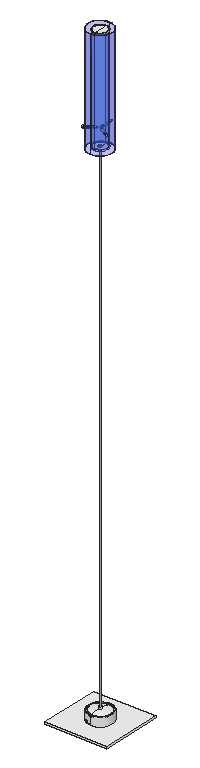
Revit family "BE_50411_de_DE", category Leuchten, Revit 2020
Family settings
  Basisbauteil = Fläche
  Bemaßung runder Anschluss = Durchmesser verwenden
  Teiletyp = Normal
  Beim Laden mit Abzugskörper schneiden = Ja
  Lichtquelle = Ja
  Gemeinsam genutzt = Nein
  Raumberechnungspunkt = Ja
Parameters (values of type "BEGA_50411_K4")
  built-in parameter 1150104 = 13.22 (stored number, unit not read)
  Wattage = 46.8 W
  Default Elevation = 0 mm
  built-in parameter 1150113 = 1 (stored number, unit not read)
  built-in parameter 1114218 = 1 (stored number, unit not read)
  Umgebungstemperatur = "25 °C"
  URL = "https://www.bega.com/de/produkt/50411"
  Typenkommentare = "© 2022 BEGA. Wir behalten uns das Recht vor, technische Änderungen ohne vorherige Ankündigung vorzunehmen."  # constant formula
  built-in parameter 1150134 = 12
  built-in parameter 1150109 = 1 (stored number, unit not read)
  Strom = ""
  built-in parameter 1150110 = 1 (stored number, unit not read)
  Spannung = 239.996 V
  Sonderanfertigung = no
  Seriennummer [instance] = "Hier können Sie die eindeutige Seriennummer für das Facility Management eintragen."
  Schutzklasse = "I"
  Schutzart = "IP 20"
  Scheinlast = 0 VA
  Produktdatenblatt = "https://cdn.bega.com/bega/products/50411K3/current/documents/data-sheets/de"
  Oberflächentemperatur = ""
  Neigungswinkel = 0.00°
  Modell = "50411K4"
  Material_17 = BEGA_Reflektor
  Material_15 = BEGA_Leuchtmedium_matt
  Material_13 = BEGA_Kunststoff_matt
  Material_11 = BEGA_Glas_opal
  Material_09 = BEGA_Glas_klar
  Material_06 = BEGA_Oberfläche_Edelstahl_gebürstet
  Material_05 = BEGA_Oberfläche_Aluminium Guss
  Material_03 = BEGA_Oberfläche_Weiss_matt
  Material_02 = BEGA_Oberfläche_Silber_matt
  Material_01 [instance] = BEGA_Oberfläche_Grafit_matt
  M_W = no
  M_G = no
  M_A = no
  Logo = 0
  built-in parameter 1114217 = 1 (stored number, unit not read)
  built-in parameter 1150139 = (empty or 0)
  built-in parameter 1150105 = 644.25 (stored number, unit not read)
  built-in parameter 1150114 = 1 (stored number, unit not read)
  Lumens = 6659.64 lm
  built-in parameter 1150115 = 1 (stored number, unit not read)
  Leuchtenlichtstrom = "5217 lm"
  Leuchtenanzahl = ""
  Lebensdauerkriterien = "L70B50 @ 25 °C = 165000 h"
  Lastklassifizierung = Beleuchtung
  built-in parameter 1150112 = 1 (stored number, unit not read)
  Lampenlichtstrom = "8040 lm"
  Lampe = "LED 45.6 W"
  LED_Modulbezeichnung = "12x LED-0610/940"
  Hersteller = "BEGA"  # constant formula
  Halbstreuwinkel = ""
  Gewicht = "5.9 kg"
  Gebrauchslageneinschränkung [instance] = ""
  Frequenz = "0/50-60 Hz"
  Farbwiedergabeindex = "CRI > 90"
  Farbtemperaturverschiebung bei Dämpfen der Lampe = <Keine Auswahl>
  Farbtemperatur = "4000 K"
  Color Filter = 16777215
  built-in parameter 1150133 = 10 (stored number, unit not read)
  Energieeffizienzklasse = "LED A++ - A"
  built-in parameter 1150137 = (empty or 0)
  built-in parameter 1150132 = (empty or 0)
  ENEC = "ja"
  Dimmbar [instance] = "DALI"
  Datei für fotometrisches Netz = "BE_50411K4.IES"
  CE_Konformität = "ja"
  Bestellnummer = "50411K4"
  Beschreibung_Sonderanfertigung = "Hier können Sie Informationen zur Sonderanfertigung eintragen."
  Beschreibung = "Pendelleuchte"
  built-in parameter 1150106 = 6.4425 (stored number, unit not read)
  Befestigungsbohrung = "Ø 4,5 mm"
  Befestigungsabstand = "136 mm"
  Ballwurfsicher = ""
  BEGA_Intern_aus = yes
  BEGA_Intern_an = yes
  BEGA_Intern_Konstruktion = yes
  BEGA_Intern = yes
  BEGA_IES = yes
  BEGA_Dummy = no
  Anschlussleitung = ""
  Anschlussleistung [instance] = "52 W"
  Anschlusskasten = ""
  built-in parameter 1150107 = 4000 (stored number, unit not read)
  built-in parameter 1150102 = (empty or 0)
  built-in parameter 1150138 = (empty or 0)
  Aktualisierung = "2022-05-19T04:00:07"
  Abstand_zur_angestrahlten_Fläche [instance] = ""
  AC/DC = "AC/DC"
Types (2, lengths in mm): name | built-in parameter 1150104 | built-in parameter 1150134 | Modell | built-in parameter 1150105 | Lumens | Leuchtenlichtstrom | Lampenlichtstrom | LED_Modulbezeichnung | Farbtemperatur | Datei für fotometrisches Netz | Bestellnummer | built-in parameter 1150106 | built-in parameter 1150107
  BEGA_50411_K4 | 13.22 (stored number, unit not read) | 12 | "50411K4" | 644.25 (stored number, unit not read) | 6659.64 lm | "5217 lm" | "8040 lm" | "12x LED-0610/940" | "4000 K" | "BE_50411K4.IES" | "50411K4" | 6.4425 (stored number, unit not read) | 4000 (stored number, unit not read)
  BEGA_50411_K3 | 12.867 (stored number, unit not read) | (empty or 0) | "50411K3" | 627.05 (stored number, unit not read) | 6481.8 lm | "5023 lm" | "7680 lm" | "12x LED-0610/930" | "3000 K" | "BE_50411K3.IES" | "50411K3" | 6.2705 (stored number, unit not read) | 3000 (stored number, unit not read)
Reference planes
  plane 1 "Mitte (Vorne/Hinten)": y = 0
  plane 2: z = 0
  plane 3 "Mitte (Links/Rechts)": x = 0
  plane 4 "Links": x = -80
  plane 5 "Rechts": x = 80
  plane 6 "Unten": y = -80
  plane 7 "Oben": y = 80
  plane 8 "Vorne": z = 4000
  plane 9 "Hinten": z = 0
Forms (mm)
  Extrusion 1, solid, material "BEGA_Platte_Weiss"
    sketch origin (0, -1119.2, 0) x (1, 0, 0) y (0, 1, 0)
      loop
        line (-200, 1319.2) -> (-200, 919.2) -> (200, 919.2) -> (200, 1319.2) -> (-200, 1319.2)
    from 0 to -10
  Extrusion 2, solid, material "BEGA_Dummy_matt", visible <- "BEGA_Dummy"
    sketch origin (77.149, -76.023, 0) x (1, 0, 0) y (0, 1, 0)
      loop
        circle (-77.149, 76.023) r 80
    from 0 to 4000
Dimensions and locks
  plane 1 "Mitte (Vorne/Hinten)" to Extrusion 1 = 200 mm
  aligned and locked: plane 2 to Extrusion 1
  aligned and locked: level to Extrusion 1
Nested families
  nested 1: "BE_50411" at (0, 0, 0), type "BE_50411"
Connectors
  electrical at (0, 0, 0), driven by "Lastklassifizierung", driven by "Spannung", driven by "Scheinlast"
    settings: index 1, voltage 239.996 V, apparent load 0 VA, apparent load phase1 0 VA, apparent load phase2 0 VA, apparent load phase3 0 VA, power factor 1, load classification "Beleuchtung", number of poles 1, system type 31, power factor state 1, is connector primary yes, connector utility no, sub classification motor no, connector description ""
Definition of nested family "BE_50411"
  Parameters (values of type "BE_50411")
    Default Elevation = 1 mm
    URL = "http://www.bega.de/de/produkt"
    Type Comments = "© 2015 BEGA. Wir behalten uns das Recht vor, technische Änderungen ohne vorherige Ankündigung vorzunehmen. "  # constant formula
    Type Image = (empty or 0)
    Neigungswinkel_um_Z2 = 0.00°
    Neigungswinkel_um_Z1 = 0.00°
    Neigungswinkel_um_Y2 = 0.00°
    Neigungswinkel_um_Y1 = 0.00°
    Neigungswinkel_um_X2 = 0.00°
    Neigungswinkel_um_X1 = 0.00°
    Material_17 = none
    Material_15 = none
    Material_13 = none
    Material_11 = none
    Material_09 = none
    Material_06 = none
    Material_05 = none
    Material_03 = none
    Material_02 = none
    Material_01 = none
    M_W = yes
    M_G = yes
    M_A = yes
    Länge_Platte = 300 mm  # constant formula
    Höhe_Platte = -10 mm  # constant formula
    Manufacturer = "BEGA"  # constant formula
    Drehwinkel_um_Z2 = 0.00°
    Drehwinkel_um_Z1 = 0.00°
    Breite_Platte = 300 mm  # constant formula
  Reference planes
    plane 1 "Mitte (Oben/Unten)": y = 0
    plane 2: z = 0
    plane 3 "Mitte (Links/Rechts)": x = 0
    plane 4: z = 4000
    plane 5: y = 80
    plane 6: y = -80
    plane 7: z = 4000
    plane 8: x = -80
    plane 9: x = 80
  Forms (mm)
    Extrusion 1, solid, detail levels medium
      sketch origin (0, 0, 0) x (1, 0, 0) y (0, 1, 0)
        loop
          line (-150, 150) -> (-150, -150) -> (150, -150) -> (150, 150) -> (-150, 150)
      from 0 to -10 <- "Höhe_Platte"
    Revolve 2, solid, material <- "Material_03", detail levels medium+fine
      sketch origin (0, 0, 0) x (0, 1, 0) y (0, 0, 1)
        loop
          line (73.5, 9) -> (0, 9) -> (0, 7.5) -> (73.5, 7.5) -> (73.5, 0) -> (75, 0) -> (75, 7.5)
          arc (75, 7.5) -> (74.561, 8.561) -> (73.5, 9) r 1.5
        axis (0, 9) -> (0, 0)
      angle from 0 to 360
    Extrusion 3, void
      sketch origin (0, 0, 0) x (1, 0, 0) y (0, 1, 0)
        loop
          circle (25, 55) r 8.5
        loop
          circle (-25, 55) r 8.5
        loop
          circle (-25, -55) r 6
        loop
          circle (25, -55) r 6
        loop
          circle (-68, 0) r 2.25
        loop
          circle (68, 0) r 2.25
      from 6 to 9.5
    Revolve 4, solid, material <- "Material_03", detail levels medium+fine
      sketch origin (0, 0, 0) x (0, 1, 0) y (0, 0, 1)
        loop
          line (76, 56) -> (65.297, 56)
          arc (65.297, 56) -> (35.906, 62.8) -> (5.868, 65.607) r 225
          line (5.868, 65.607) -> (5.854, 63.606)
          arc (5.854, 63.606) -> (35.751, 60.799) -> (65, 54) r 223
          line (65, 54) -> (75.5, 54) -> (75.5, 0) -> (77, 0) -> (77, 55)
          arc (77, 55) -> (76.707, 55.707) -> (76, 56) r 1
        axis (0, 0) -> (0, 65.607)
      angle from 0 to 360
    Revolve 5, solid, material <- "Material_03", detail levels medium+fine
      sketch origin (0, 0, 0) x (0, 1, 0) y (0, 0, 1)
        loop
          line (8.5, 72.62) -> (3.05, 72.62) -> (3.05, 3303) -> (8.05, 3303) -> (8.05, 3318) -> (0, 3318) -> (0, 64.421) -> (8.5, 64.421) -> (8.5, 72.62)
        axis (0, 3318) -> (0, 64.421)
      angle from 0 to 360
    Revolve 6, solid, material <- "Material_03", detail levels medium+fine
      sketch origin (0, 0, 0) x (0, 1, 0) y (0, 0, 1)
        loop
          line (46.5, 3318.5) -> (45.5, 3318.5) -> (45.5, 3317) -> (10.147, 3317) -> (10.147, 3315.5) -> (46.5, 3315.5) -> (46.5, 3318.5)
        loop
          line (46.5, 3991.5) -> (46.5, 3994.5) -> (0, 3994.5) -> (0, 3993) -> (45.5, 3993) -> (45.5, 3991.5) -> (46.5, 3991.5)
        axis (0, 3315.5) -> (0, 3994.5)
      angle from 0 to 360
    Revolve 7, solid, material <- "Material_11", detail levels medium+fine
      sketch origin (0, 0, 0) x (0, 1, 0) y (0, 0, 1)
        loop
          line (75, 3300) -> (80, 3300) -> (80, 4000) -> (75, 4000) -> (75, 3300)
        axis (0, 4000) -> (0, 3300)
      angle from 0 to 360
    Revolve 8, solid, material <- "Material_13", detail levels medium+fine
      sketch origin (0, 0, 0) x (0, 1, 0) y (0, 0, 1)
        loop
          line (45, 3993) -> (42, 3993) -> (42, 3317) -> (45, 3317) -> (45, 3993)
        axis (0, 3317) -> (0, 3993)
      angle from 0 to 360
    Revolve 9, void
      sketch origin (0, 0, 3425) x (1, 0, 0) y (0, 1, 0)
        loop
          line (0, 80.941) -> (-4.5, 80.941) -> (-4.5, 73.413) -> (0, 73.413) -> (0, 80.941)
        axis (0, 73.413) -> (0, 80.941)
      angle from 0 to 360
    Revolve 10, solid, material <- "Material_06", detail levels fine
      sketch origin (0, 0, 3425) x (0.707107, -0.707107, 0) y (0.707107, 0.707107, 0)
        loop
          line (-8.141, 8.141) -> (-64.954, 64.954) -> (-67.782, 62.125) -> (-16.768, 11.111) -> (-16.061, 11.818) -> (-10.262, 6.02) -> (-8.141, 8.141)
        axis (-8.141, 8.141) -> (-64.954, 64.954)
      angle from 0 to 360
    Revolve 11, void
      sketch origin (0, 0, 3425) x (-0.5, -0.866025, 0) y (0.866025, -0.5, 0)
        loop
          line (0, 80.941) -> (-4.5, 80.941) -> (-4.5, 73.413) -> (0, 73.413) -> (0, 80.941)
        axis (0, 73.413) -> (0, 80.941)
      angle from 0 to 360
    Revolve 12, solid, material <- "Material_06", detail levels fine
      sketch origin (0, 0, 3425) x (-0.965926, -0.258819, 0) y (0.258819, -0.965926, 0)
        loop
          line (-8.141, 8.141) -> (-64.954, 64.954) -> (-67.782, 62.125) -> (-16.768, 11.111) -> (-16.061, 11.818) -> (-10.262, 6.02) -> (-8.141, 8.141)
        axis (-8.141, 8.141) -> (-64.954, 64.954)
      angle from 0 to 360
    Revolve 13, void
      sketch origin (0, 0, 3425) x (-0.5, 0.866025, 0) y (-0.866025, -0.5, 0)
        loop
          line (0, 80.941) -> (-4.5, 80.941) -> (-4.5, 73.413) -> (0, 73.413) -> (0, 80.941)
        axis (0, 73.413) -> (0, 80.941)
      angle from 0 to 360
    Revolve 14, solid, material <- "Material_06", detail levels fine
      sketch origin (0, 0, 3425) x (0.258819, 0.965926, 0) y (-0.965926, 0.258819, 0)
        loop
          line (-8.141, 8.141) -> (-64.954, 64.954) -> (-67.782, 62.125) -> (-16.768, 11.111) -> (-16.061, 11.818) -> (-10.262, 6.02) -> (-8.141, 8.141)
        axis (-8.141, 8.141) -> (-64.954, 64.954)
      angle from 0 to 360
  Cuts and joins
    Extrusion 3 cuts Revolve 2
    Revolve 9, Revolve 11, Revolve 13 cuts Revolve 7
    Revolve 9 cuts Revolve 8
    Revolve 11 cuts Revolve 10
  Dimensions and locks
    equal spacing: Extrusion 1 sketch curve, plane 3 "Mitte (Links/Rechts)", Extrusion 1 sketch curve
    equal spacing: Extrusion 1 sketch curve, plane 1 "Mitte (Oben/Unten)", Extrusion 1 sketch curve
    "Länge_Platte": Extrusion 1 sketch curve to Extrusion 1 sketch curve
    "Breite_Platte": Extrusion 1 sketch curve to Extrusion 1 sketch curve
    aligned and locked: Extrusion 1 to plane 2
    aligned and locked: level to Extrusion 1
  Automatic sketch dimensions
    Revolve 2 sketch curve to plane 1 "Mitte (Oben/Unten)" = 0 mm  (x2)
    Revolve 2 sketch curve to level = 0 mm
    Revolve 2 sketch curve to plane 1 "Mitte (Oben/Unten)" = 73.5 mm
    Revolve 2 sketch curve to Revolve 2 sketch curve = 0 mm  (x7)
    Revolve 2 sketch curve to Revolve 2 sketch curve = 1.5 mm  (x2)
    level to Revolve 2 sketch curve = 7.5 mm
    Revolve 2 sketch curve to Revolve 2 sketch curve = 3.5 mm
    Revolve 4 sketch curve to plane 1 "Mitte (Oben/Unten)" = 0 mm
    Revolve 4 sketch curve to level = 0 mm
    Revolve 4 sketch curve to Revolve 4 sketch curve = 0.5 mm
    Revolve 4 sketch curve to Revolve 4 sketch curve = 1.5 mm
    Revolve 4 sketch curve to Revolve 4 sketch curve = 1 mm
    Extrusion 3 sketch curve to plane 3 "Mitte (Links/Rechts)" = 25 mm  (x2)
    plane 3 "Mitte (Links/Rechts)" to Extrusion 3 sketch curve = 25 mm  (x2)
    Revolve 4 sketch curve to Revolve 4 sketch curve = 54 mm
    Revolve 4 sketch curve to Revolve 4 sketch curve = 0.297 mm
    Revolve 4 sketch curve to Revolve 4 sketch curve = 4.873 mm
    Revolve 4 sketch curve to Revolve 4 sketch curve = 9.406 mm
    Revolve 4 sketch curve to Revolve 4 sketch curve = 0 mm  (x2)
    plane 1 "Mitte (Oben/Unten)" to Revolve 4 sketch curve = 0 mm
    Revolve 4 sketch curve to level = 159.317 mm
    Revolve 4 sketch curve to plane 1 "Mitte (Oben/Unten)" = 5.854 mm
    Revolve 4 sketch curve to Revolve 4 sketch curve = 0.015 mm
    Revolve 5 sketch curve to plane 1 "Mitte (Oben/Unten)" = 0 mm  (x2)
    Revolve 5 sketch curve to plane 1 "Mitte (Oben/Unten)" = 3.05 mm
    Revolve 5 sketch curve to plane 1 "Mitte (Oben/Unten)" = 8.05 mm
    Revolve 5 sketch curve to Revolve 5 sketch curve = 5.45 mm
    level to Revolve 5 sketch curve = 64.421 mm
    Revolve 5 sketch curve to Revolve 5 sketch curve = 8.199 mm
    Revolve 5 sketch curve to plane 4 = 697 mm
    Revolve 5 sketch curve to Revolve 5 sketch curve = 15 mm
    Revolve 5 sketch curve to Revolve 5 sketch curve = 33.198 mm
    Revolve 5 sketch curve to Revolve 5 sketch curve = 9.5 mm
    Revolve 7 sketch curve to plane 1 "Mitte (Oben/Unten)" = 0 mm
    plane 4 to Revolve 7 sketch curve = 0 mm
    Revolve 7 sketch curve to Revolve 7 sketch curve = 5 mm
    Revolve 7 sketch curve to plane 4 = 700 mm
    Revolve 7 sketch curve to plane 4 = 1.546 mm
    Revolve 7 sketch curve to Revolve 7 sketch curve = 98.157 mm
    Revolve 9 sketch curve to Revolve 9 sketch curve = 4.772 mm
    Revolve 10 sketch curve to Revolve 10 sketch curve = 2.828 mm
    Revolve 10 sketch curve to Revolve 10 sketch curve = 51.014 mm
    Revolve 10 sketch curve to Revolve 10 sketch curve = 0.707 mm
    Revolve 10 sketch curve to Revolve 10 sketch curve = 5.798 mm
    Revolve 10 sketch curve to Revolve 10 sketch curve = 2.121 mm  (x2)
    Revolve 10 sketch curve to Revolve 10 sketch curve = 50.307 mm
    Revolve 10 sketch curve to Revolve 10 sketch curve = 3.677 mm
    Revolve 10 sketch curve to Revolve 10 sketch curve = 4.346 mm  (x2)
    Revolve 10 sketch curve to Revolve 10 sketch curve = 3.536 mm  (x2)
    Revolve 9 sketch curve to Revolve 9 sketch curve = 0 mm  (x3)
    Revolve 9 sketch curve to Revolve 9 sketch curve = 4.5 mm  (x2)
    Revolve 9 sketch curve to Revolve 9 sketch curve = 7.528 mm
    Revolve 9 sketch curve to Revolve 9 sketch curve = 66.9 mm
    Revolve 11 sketch curve to Revolve 11 sketch curve = 4.772 mm
    Revolve 12 sketch curve to Revolve 12 sketch curve = 2.828 mm
    Revolve 12 sketch curve to Revolve 12 sketch curve = 51.014 mm
    Revolve 12 sketch curve to Revolve 12 sketch curve = 0.707 mm
    Revolve 12 sketch curve to Revolve 12 sketch curve = 5.798 mm
    Revolve 12 sketch curve to Revolve 12 sketch curve = 2.121 mm  (x2)
    Revolve 12 sketch curve to Revolve 12 sketch curve = 50.307 mm
    Revolve 12 sketch curve to Revolve 12 sketch curve = 3.677 mm
    Revolve 12 sketch curve to Revolve 12 sketch curve = 4.346 mm  (x2)
    Revolve 12 sketch curve to Revolve 12 sketch curve = 3.536 mm  (x2)
    Revolve 11 sketch curve to Revolve 11 sketch curve = 0 mm  (x3)
    Revolve 11 sketch curve to Revolve 11 sketch curve = 4.5 mm  (x2)
    Revolve 11 sketch curve to Revolve 11 sketch curve = 7.528 mm
    Revolve 11 sketch curve to Revolve 11 sketch curve = 66.9 mm
    Revolve 13 sketch curve to Revolve 13 sketch curve = 4.772 mm
    Revolve 14 sketch curve to Revolve 14 sketch curve = 2.828 mm
    Revolve 14 sketch curve to Revolve 14 sketch curve = 51.014 mm
    Revolve 14 sketch curve to Revolve 14 sketch curve = 0.707 mm
    Revolve 14 sketch curve to Revolve 14 sketch curve = 5.798 mm
    Revolve 14 sketch curve to Revolve 14 sketch curve = 2.121 mm  (x2)
    Revolve 14 sketch curve to Revolve 14 sketch curve = 50.307 mm
    Revolve 14 sketch curve to Revolve 14 sketch curve = 3.677 mm
    Revolve 14 sketch curve to Revolve 14 sketch curve = 4.346 mm  (x2)
    Revolve 14 sketch curve to Revolve 14 sketch curve = 3.536 mm  (x2)
    Revolve 13 sketch curve to Revolve 13 sketch curve = 0 mm  (x3)
    Revolve 13 sketch curve to Revolve 13 sketch curve = 4.5 mm  (x2)
    Revolve 13 sketch curve to Revolve 13 sketch curve = 7.528 mm
    Revolve 13 sketch curve to Revolve 13 sketch curve = 66.9 mm
    Revolve 9 sketch curve to plane 3 "Mitte (Links/Rechts)" = 4.5 mm
    Revolve 10 sketch curve to plane 3 "Mitte (Links/Rechts)" = 0 mm
    plane 1 "Mitte (Oben/Unten)" to Revolve 11 sketch curve = 32.81 mm
    Revolve 6 sketch curve to plane 1 "Mitte (Oben/Unten)" = 0 mm  (x2)
    Revolve 6 sketch curve to plane 1 "Mitte (Oben/Unten)" = 10.147 mm
    Revolve 6 sketch curve to plane 4 = 7 mm
    Revolve 6 sketch curve to Revolve 6 sketch curve = 1 mm  (x2)
    Revolve 6 sketch curve to Revolve 6 sketch curve = 1.5 mm  (x4)
    Revolve 6 sketch curve to Revolve 6 sketch curve = 673 mm
    Revolve 6 sketch curve to Revolve 6 sketch curve = 11.33 mm
    Revolve 6 sketch curve to Revolve 6 sketch curve = 2.17 mm
    Revolve 8 sketch curve to plane 1 "Mitte (Oben/Unten)" = 0 mm
    Revolve 8 sketch curve to Revolve 8 sketch curve = 3 mm
    Revolve 8 sketch curve to plane 4 = 683 mm
    Revolve 8 sketch curve to plane 4 = 7 mm
    Revolve 8 sketch curve to Revolve 8 sketch curve = 91.654 mm
    Revolve 8 sketch curve to Revolve 8 sketch curve = 16.018 mm
    plane 1 "Mitte (Oben/Unten)" to Revolve 12 sketch curve = 42.465 mm
    plane 1 "Mitte (Oben/Unten)" to Revolve 13 sketch curve = 40.603 mm
    plane 1 "Mitte (Oben/Unten)" to Revolve 14 sketch curve = 49.393 mm
    plane 1 "Mitte (Oben/Unten)" to Extrusion 3 sketch curve = 0 mm  (x2)
    plane 1 "Mitte (Oben/Unten)" to Extrusion 3 sketch curve = 55 mm
    Extrusion 3 sketch curve to Extrusion 3 sketch curve = 0 mm  (x2)
    Extrusion 3 sketch curve to plane 1 "Mitte (Oben/Unten)" = 55 mm
    Revolve 4 sketch curve to Revolve 4 sketch curve = 59.146 mm
    Revolve 4 sketch curve to Revolve 4 sketch curve = 10.5 mm
    Revolve 6 sketch curve to Revolve 6 sketch curve = 45.5 mm
    Revolve 6 sketch curve to Revolve 6 sketch curve = 35.354 mm
    Revolve 7 sketch curve to plane 1 "Mitte (Oben/Unten)" = 75 mm
    Revolve 8 sketch curve to plane 1 "Mitte (Oben/Unten)" = 42 mm
    Revolve 9 sketch curve to plane 1 "Mitte (Oben/Unten)" = 73.413 mm
    Revolve 10 sketch curve to plane 1 "Mitte (Oben/Unten)" = 91.858 mm
    plane 3 "Mitte (Links/Rechts)" to Extrusion 3 sketch curve = 68 mm
    plane 3 "Mitte (Links/Rechts)" to Revolve 11 sketch curve = 65.827 mm
    plane 3 "Mitte (Links/Rechts)" to Revolve 12 sketch curve = 81.552 mm
    Extrusion 3 sketch curve to plane 3 "Mitte (Links/Rechts)" = 68 mm
    Revolve 13 sketch curve to plane 3 "Mitte (Links/Rechts)" = 61.328 mm
    Revolve 14 sketch curve to plane 3 "Mitte (Links/Rechts)" = 77.552 mm
    radius of Extrusion 3 sketch curve = 8.5 mm  (x2)
    radius of Extrusion 3 sketch curve = 6 mm  (x2)
    radius of Extrusion 3 sketch curve = 2.25 mm  (x2)
